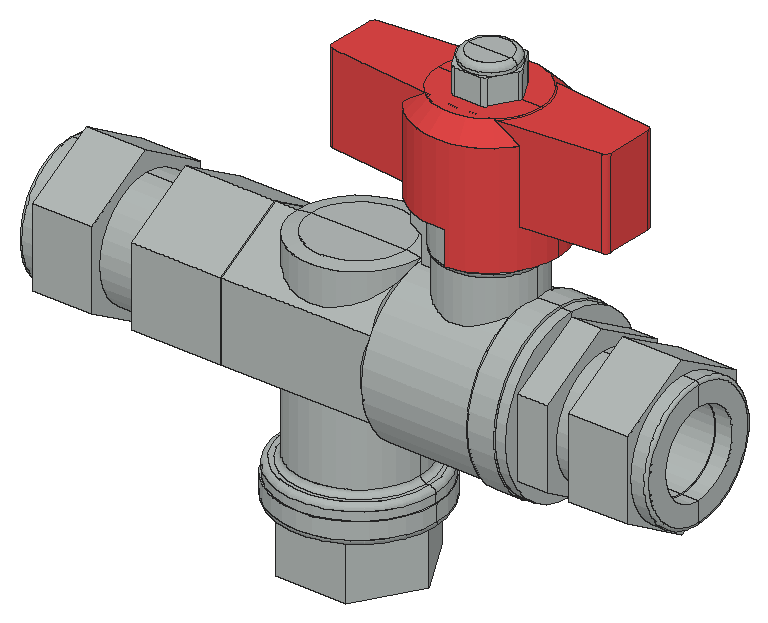
Revit family "QD36800000", category Apparecchi idraulici, Revit 2020
Family settings
  Quota connettore circolare = Usa diametro
  Tipo di parte = Normale
  Numero OmniClass = 23.45.00.00
  Titolo OmniClass = Sanitary, Laundry, and Cleaning Equipment
  Basato su piano di lavoro = No
  Sempre verticale = Sì
  Taglio con vuoti quando caricato = No
  Condiviso = No
  Punto di calcolo locali = No
Parameters
  URL = "https://web.cimberio.it/index.php/figura/604?subcategoria_id=89"
  Temperatura di esercizio = "-20 ÷ 90°C"
  Prospetto di default = 0 mm
  Produttore = "CIMBERIO SPA"
  Pressione nominale = "PN 16"
  Modello = "Cim 628"
  Materiale = "Prodotto in lega di ottone conforme alla norma EN 12165-CW617N-DW"
  Descrizione = "Utilizzato nei più svariati settori dell'impiantistica: impianti di riscaldamento, condizionamento, idrici, igienico-sanitari, aria compressa, reti di distribuzione oli, benzine, vapore saturo e in generale con ogni fluido non corrosivo"
  DN Model [instance] = QD36801015 : QD36801015
  DN [instance] = 15 mm
  Commenti sul tipo = "Realizzato in ottemperanza ai requisiti gestionali della norma EN ISO 9001.\r\nCollaudato al 100% secondo la normativa EN 12266-1"
Reference planes
  plane 1 "Centro (Fronte/Retro)": y = 0
  plane 2: z = 0
  plane 3 "Centro (Sinistra/Destra)": x = 0
Dimensions and locks
  aligned and locked: level to plane 2
Nested families
  nested 1: "QD36801015" at (0, 0, 0), type <- "DN Model", type "QD36801015"
  nested 2: "QD36801015" at (0, 0, 0), type <- "DN Model", type "QD36801015"
  nested 3: "QD36801015" at (0, 0, 0), type <- "DN Model", type "QD36801015"
  nested 4: "QD36801015" at (0, 0, 0), type <- "DN Model", type "QD36801015"
  nested 5: "QD36801015" at (0, 0, 0), type <- "DN Model", type "QD36801015"
  nested 6: "QD36801015" at (0, 0, 0), type <- "DN Model", type "QD36801015"
  nested 7: "QD36801015" at (0, 0, 0), type <- "DN Model", type "QD36801015"
  nested 8: "QD36801015" at (0, 0, 0), type <- "DN Model", type "QD36801015"
  nested 9: "QD36801015" at (0, 0, 0), type <- "DN Model", type "QD36801015"
  nested 10: "QD36801015" at (0, 0, 0), type <- "DN Model", type "QD36801015"
  nested 11: "QD36801015" at (0, 0, 0), type <- "DN Model", type "QD36801015"
  nested 12: "QD36801015" at (0, 0, 0), type <- "DN Model", type "QD36801015"
Connectors
  piping at (20.1, 0, 0), diameter 15, driven by "DN"
    settings: on nested 1, index 1, connector inside diameter 609.6 mm, connector length 0 mm, flow factor 0, pipe flow 0.0 L/s, pressure drop 0.0 Pa, fitting loss kfactor 0, connector angle 0.00°, fixture units 0, engagement length 0 mm, angle of deflection 0.00°, flow configuration 0, flow direction 0, fitting loss method 0, system type 7, joint type 0, gender type 0, connector reference index -1, connector utility 0, adjustable connector no, is connector primary yes, connector description ""
  piping at (-70, 0, 0), diameter 15, driven by "DN"
    settings: on nested 1, index 2, connector inside diameter 609.6 mm, connector length 0 mm, flow factor 0, pipe flow 0.0 L/s, pressure drop 0.0 Pa, fitting loss kfactor 0, connector angle 0.00°, fixture units 0, engagement length 0 mm, angle of deflection 0.00°, flow configuration 0, flow direction 0, fitting loss method 0, system type 7, joint type 0, gender type 0, connector reference index -1, connector utility 0, adjustable connector no, is connector primary no, connector description ""
Definition of nested family "QD36801015"
  Parameters (values of type "QD36801015")
    Default Elevation = 0 mm
  Reference planes
    plane 1 "Centro (Fronte/Retro)": y = 0
    plane 2: z = 0
    plane 3 "Centro (Sinistra/Destra)": x = 0
  Forms (mm)
    Extrusion 1, solid
      sketch origin (0, 0, 0) x (0, 0, -1) y (0, 1, 0)
        loop
          circle (0, 0) r 7.5
        loop
          line (-14, 0) -> (-7, -12.124) -> (7, -12.124) -> (14, 0) -> (7, 12.124) -> (-7, 12.124) -> (-14, 0)
      from -38.5 to -11
    Extrusion 2, solid
      sketch origin (0, 0, 0) x (0, 0, 1) y (0, -1, 0)
        loop
          circle (0, 0) r 7.5
        loop
          line (14.05, 0) -> (7.025, 12.168) -> (-7.025, 12.168) -> (-14.05, 0) -> (-7.025, -12.168) -> (7.025, -12.168) -> (14.05, 0)
      from 14.6 to 20.1
    Revolve 3, solid
      sketch origin (0, 0, 2.5) x (1, 0, 0) y (0, 0, 1)
        loop
          line (0, 43.3) -> (-9.25, 43.3) -> (-12.25, 40.3) -> (-12.25, 20.3) -> (-7.802, 20.3) -> (-7.802, 39.889) -> (0, 39.889) -> (0, 43.3)
        axis (0, 43.3) -> (0, 20.3)
      angle from 0 to 360
    Extrusion 4, void
      sketch origin (0, 0, 0) x (1, 0, 0) y (0, 1, 0)
        loop
          arc (-12.226, -0.772) -> (-7.782, -9.46) -> (1.6, -12.145) r 12.25
          line (1.6, -12.145) -> (1.6, -7.898)
          arc (1.6, -7.898) -> (-2.859, -5.409) -> (-4.999, -0.772) r 8.25
          line (-4.999, -0.772) -> (-12.226, -0.772)
      from 21.96 to 28.8
    Extrusion 5, solid
      sketch origin (-0.001, 0, 0) x (1, -0.000098, 0) y (0.000098, 1, 0)
        loop
          arc (-2.307, 5) -> (-2.809, 4.865) -> (-3.177, 4.498) r 1.004
          line (-3.177, 4.498) -> (-5.487, 0.496)
          arc (-5.487, 0.496) -> (-5.62, 0) -> (-5.487, -0.496) r 0.992
          line (-5.487, -0.496) -> (-3.188, -4.478)
          arc (-3.188, -4.478) -> (-2.806, -4.86) -> (-2.284, -5) r 1.043
          line (-2.284, -5) -> (2.288, -5)
          arc (2.288, -5) -> (2.806, -4.861) -> (3.186, -4.481) r 1.038
          line (3.186, -4.481) -> (5.496, -0.481)
          arc (5.496, -0.481) -> (5.625, 0) -> (5.496, 0.481) r 0.963
          line (5.496, 0.481) -> (3.176, 4.499)
          arc (3.176, 4.499) -> (2.809, 4.866) -> (2.309, 5) r 1.001
          line (2.309, 5) -> (-2.307, 5)
      from 45.8 to 50.3
    Revolve 6, solid
      sketch origin (0, 0, 0) x (1, 0, 0) y (0, 0, 1)
        loop
          line (0, 51.8) -> (0, 49.926) -> (4.75, 49.926) -> (4.75, 50.8)
          arc (4.75, 50.8) -> (4.457, 51.507) -> (3.75, 51.8) r 1
          line (3.75, 51.8) -> (0, 51.8)
        axis (0, 51.8) -> (0, 49.926)
      angle from 0 to 360
    Revolve 7, solid
      sketch origin (0, 0, 0) x (1, 0, 0) y (0, 0, 1)
        loop
          line (0.067, 27.3) -> (-9, 27.3) -> (-8.874, 20.742)
          arc (-8.874, 20.742) -> (-8.731, 20.295) -> (-8.367, 20) r 0.819
          line (-8.367, 20) -> (-8.367, 7.3) -> (0.067, 7.3) -> (0.067, 27.3)
        axis (0.067, 7.3) -> (0.067, 27.3)
      angle from 0 to 360
    Revolve 8, solid
      sketch origin (0, 0, 0) x (1, 0, 0) y (0, 0, 1)
        loop
          line (12.6, -7.5) -> (-13.15, -7.5) -> (-13.15, -12.65) -> (-11.5, -14.3) -> (7.5, -14.3)
          arc (7.5, -14.3) -> (7.635, -14.732) -> (8, -15) r 0.726
          line (8, -15) -> (12.6, -15) -> (12.6, -7.5)
        axis (12.6, 0) -> (-13.15, 0)
      angle from 0 to 360
    Revolve 9, solid
      sketch origin (0, 0, 0) x (1, 0, 0) y (0, 0, 1)
        loop
          line (12.6, 14.75) -> (12.6, 7.5) -> (14.6, 7.5) -> (14.6, 14.75) -> (12.6, 14.75)
        axis (12.6, 0) -> (14.6, 0)
      angle from 0 to 360
    Extrusion 10, solid
      sketch origin (0, 0, 0) x (1, 0, 0) y (0, 0, 1)
        loop
          line (-13, 26.3) -> (-13, 20) -> (-11, 18.845) -> (-11, 12.307) -> (-7.367, 12.307) -> (-7.367, 26.3) -> (-13, 26.3)
      from 0 to 1.5
    Extrusion 11, solid
      sketch origin (0, 0, 0) x (1, 0, 0) y (0, 1, 0)
        loop
          line (-25, 4.095) -> (-25, -4.095)
          arc (-25, -4.095) -> (-24.741, -4.766) -> (-24.099, -5.09) r 1
          line (-24.099, -5.09) -> (0, -7.495) -> (24.099, -5.09)
          arc (24.099, -5.09) -> (24.741, -4.766) -> (25, -4.095) r 1
          line (25, -4.095) -> (25, 4.095)
          arc (25, 4.095) -> (24.741, 4.766) -> (24.099, 5.09) r 1
          line (24.099, 5.09) -> (0, 7.495) -> (-24.099, 5.09)
          arc (-24.099, 5.09) -> (-24.741, 4.766) -> (-25, 4.095) r 1
      from 29.84 to 45.713
    Revolve 12, solid
      sketch origin (0, 0, 0) x (1, 0, 0) y (0, 0, 1)
        loop
          line (-37.5, -24.428) -> (-37.5, -27.428)
          arc (-37.5, -27.428) -> (-37.207, -28.135) -> (-36.5, -28.428) r 1
          line (-36.5, -28.428) -> (-31, -28.428) -> (-31, -24.428) -> (-37.5, -24.428)
        axis (-23.5, -28.428) -> (-23.5, -24.428)
      angle from 0 to 360
    Revolve 13, solid
      sketch origin (0, 0, 0) x (1, 0, 0) y (0, 0, 1)
        loop
          line (-31, -21.928) -> (-36.25, -21.928)
          arc (-36.25, -21.928) -> (-36.957, -22.221) -> (-37.25, -22.928) r 1
          line (-37.25, -22.928) -> (-37.25, -24.428) -> (-31, -24.428) -> (-31, -21.928)
        axis (-23.5, -24.428) -> (-23.5, -21.928)
      angle from 0 to 360
    Revolve 14, solid
      sketch origin (0, 0, 0) x (1, 0, 0) y (0, 0, 1)
        loop
          line (-31, -21.928) -> (-31, 11.872) -> (-23.5, 11.872) -> (-23.5, 14.372) -> (-32, 14.372)
          arc (-32, 14.372) -> (-33.259, 14.247) -> (-34.5, 14) r 13.001
          line (-34.5, 14) -> (-34.5, -20.928)
          arc (-34.5, -20.928) -> (-34.793, -21.635) -> (-35.5, -21.928) r 1
          line (-35.5, -21.928) -> (-31, -21.928)
        axis (-23.5, -21.928) -> (-23.5, 14.372)
      angle from 0 to 360
    Extrusion 15, solid
      sketch origin (-23.5, 0, -24.428) x (0, 1, 0) y (1, 0, 0)
        loop
          circle (0, 0) r 7.5
        loop
          line (0, 12.5) -> (-10.825, 6.25) -> (-10.825, -6.25) -> (0, -12.5) -> (10.825, -6.25) -> (10.825, 6.25) -> (0, 12.5)
      from 3 to 14
    Extrusion 16, solid
      sketch origin (-14.5, 0, 0) x (0, 0, -1) y (0, 1, 0)
        loop
          circle (0, 0) r 7.5
        loop
          line (-14, 0) -> (-7, -12.124) -> (7, -12.124) -> (14, 0) -> (7, 12.124) -> (-7, 12.124) -> (-14, 0)
      from -40 to -24
    Revolve 17, solid
      sketch origin (-5.271, 0, 0) x (1, 0, 0) y (0, 0, 1)
        loop
          line (-66.984, 11.572) -> (-69.466, 11.572)
          arc (-69.466, 11.572) -> (-69.844, 11.416) -> (-70, 11.038) r 0.534
          line (-70, 11.038) -> (-70, 7.5) -> (-66.984, 7.5) -> (-66.984, 11.572)
        axis (-70, 0) -> (-66.984, 0)
      angle from 0 to 360
    Revolve 18, solid
      sketch origin (0, 0, 0) x (1, 0, 0) y (0, 0, 1)
        loop
          line (-61.755, 10.447) -> (-61.755, 7.5) -> (-54.518, 7.5) -> (-54.518, 10.447) -> (-61.755, 10.447)
        axis (-61.755, 0) -> (-54.518, 0)
      angle from 0 to 360
    Extrusion 19, solid
      sketch origin (13.996, 0, 0) x (0, 0, 1) y (0, -1, 0)
        loop
          circle (0, 0) r 7.5
        loop
          line (14.05, 0) -> (7.025, 12.168) -> (-7.025, 12.168) -> (-14.05, 0) -> (-7.025, -12.168) -> (7.025, -12.168) -> (14.05, 0)
      from 9.848 to 20.348
    Extrusion 20, solid
      sketch origin (-32.255, 0, 0) x (0, 0, -1) y (0, 1, 0)
        loop
          circle (0, 0) r 7.5
        loop
          line (-14, 0) -> (-7, -12.124) -> (7, -12.124) -> (14, 0) -> (7, 12.124) -> (-7, 12.124) -> (-14, 0)
      from -40 to -29.5
    Revolve 21, solid
      sketch origin (-32.64, 0, 0) x (-1, 0, 0) y (0, 0, -1)
        loop
          line (-66.984, -11.572) -> (-66.984, -7.5) -> (-70, -7.5) -> (-70, -11.038)
          arc (-70, -11.038) -> (-69.844, -11.416) -> (-69.466, -11.572) r 0.534
          line (-69.466, -11.572) -> (-66.984, -11.572)
        axis (-70, 0) -> (-66.984, 0)
      angle from 0 to 360
    Revolve 22, solid
      sketch origin (0, 0, 0) x (-1, 0, 0) y (0, 0, 1)
        loop
          line (-24.024, 10.447) -> (-24.024, 7.5) -> (-19.947, 7.5) -> (-19.947, 10.447) -> (-24.024, 10.447)
        axis (-24.024, 0) -> (-19.947, 0)
      angle from 0 to 360
  Cuts and joins
    Extrusion 4 cuts Revolve 3
    joined: Revolve 7, Revolve 8
    joined: Extrusion 1, Revolve 14
  Dimensions and locks
    aligned and locked: level to plane 2
